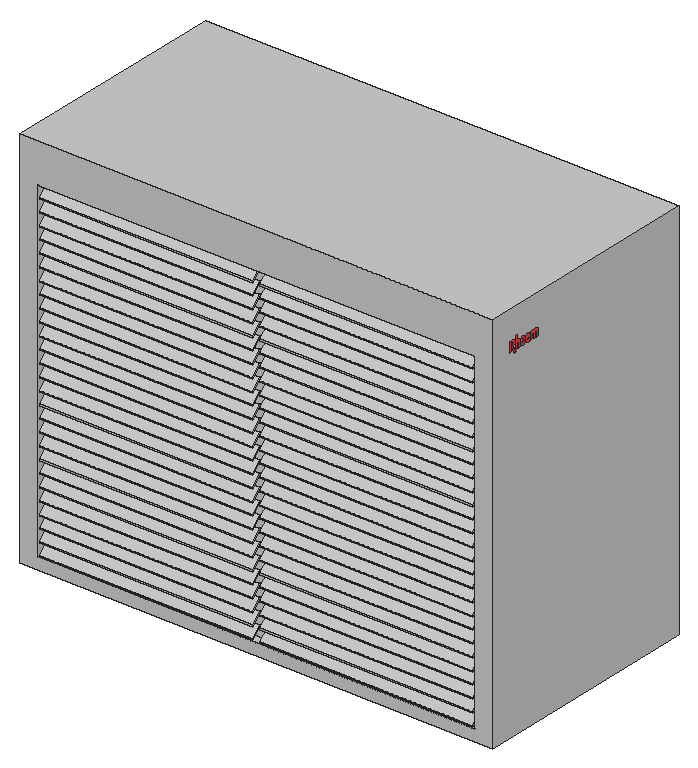
Revit family
Parameters (values of type "Commercial Heat Pump - Non Ducted")
  Unitheight_ANZRS = 935 mm
  UnitWidth_ANZRS = 565 mm
  UnitDepth_ANZRS [instance] = 1150 mm
  URL = "http://www.rheem.com.au/commercial_product.asp?ProdID=96&cat_id=2\r\n"
  Type Comments = "Output 16 KW @ 20oC/60% RH Recovery 300 L/h  @ 45°C  rise\r\n"
  Materials_ANZRS = Rheem - Joey Grey Steel
  OutletPipeDiameter_ANZRS = OutPipeRadius_ANZRS * 2  # 32 mm
  OutPipeRadius_ANZRS = 16 mm
  Model = "953022"
  Manufacturer = "Rheem\r\n"
  InletPipeDiameter_ANZRS = InPipeRadius_ANZRS * 2  # 32 mm
  InPipeRadius_ANZRS = 16 mm
  DesignBy_ANZRS = "Design Content ©\r\n"
  Description = "Commercial Heat Pump - Non Ducted"
  CondensateDrainPipeDiameter_ANZRS = CDPipeRadius_ANZRS * 2  # 20 mm
  CDPipeRadius_ANZRS = 10 mm
  Author_ANZRS = "DM"
  Assembly Code = ""
Reference planes
  plane 1 "Center (Front/Back)": y = 0
  plane 2: z = 0
  plane 3 "Center (Left/Right)": x = 0
  plane 4 "W1": y = 282.5
  plane 5 "W2": y = -282.5
  plane 6 "W4": x = -575
  plane 7 "W3": x = 575
  plane 8 "CENTER 1": x = -320
  plane 9 "CENTER 2": x = 180
  plane 10: z = 25
  plane 11 "HEIGHT": z = 960
  plane 12 "W11": y = 212.65
  plane 13 "W13": y = 147.65
  plane 14 "W15": y = -212.65
  plane 15 "W14": y = -147.65
  plane 16 "CD1": z = 225
  plane 17 "CD2": z = 555
  plane 18 "CENTER 3": y = -167.65
  plane 19 "w5": x = -545
  plane 20 "W7": x = 545
  plane 21 "H1": z = 53.419
  plane 22 "CENTER 5": y = 180.15
  plane 23 "CENTER 4": y = -180.15
  plane 24: y = -260.438
  plane 25 "W6": x = -527.091
  plane 26 "W9": x = 527.091
  plane 27 "W8": x = 532.091
  plane 28: x = -625
  plane 29: y = 174.5
Forms (mm)
  Extrusion 1, solid, material "Rheem - Joey Grey Steel" <- "Materials_ANZRS"
    sketch origin (0, 0, 0) x (1, 0, 0) y (0, 1, 0)
      loop
        line (-575, 282.5) -> (-575, -260.438) -> (575, -260.438) -> (575, 282.5) -> (-575, 282.5)
    from 25 to 960
  Extrusion 2, solid, material "Rheem - Joey Grey Steel" <- "Materials_ANZRS"
    sketch origin (0, 0, 0) x (0, 1, 0) y (0, 0, 1)
      loop
        circle (-167.65, 555) r 16
      loop
        circle (-167.65, 225) r 16
    from -575 to -625
  Extrusion 3, solid, material "Rheem - Joey Grey Steel" <- "Materials_ANZRS"
    sketch origin (0, 0, 0) x (0, 1, 0) y (0, 0, 1)
      loop
        line (212.65, 0) -> (212.65, 25) -> (147.65, 25) -> (147.65, 0) -> (212.65, 0)
      loop
        line (-147.65, 0) -> (-147.65, 25) -> (-212.65, 25) -> (-212.65, 0) -> (-147.65, 0)
    from -545 to 545
  Extrusion 4, solid, material "Rheem - Joey Grey Steel" <- "Materials_ANZRS"
    sketch origin (0, 0, 0) x (0, 1, 0) y (0, 0, 1)
      loop
        circle (180.15, 53.419) r 10
      loop
        circle (-180.15, 53.419) r 10
    from -575 to -625
  Extrusion 5, solid, material "Rheem - Joey Grey Steel" <- "Materials_ANZRS"
    sketch origin (0, 0, 0) x (0, 1, 0) y (0, 0, 1)
      loop
        line (-260.438, 860.039) -> (-282.5, 837.978) -> (-282.5, 835.579) -> (-260.438, 857.64) -> (-260.438, 860.039)
      loop
        line (-260.438, 830.039) -> (-282.5, 807.978) -> (-282.5, 805.579) -> (-260.438, 827.64) -> (-260.438, 830.039)
      loop
        line (-260.438, 800.039) -> (-282.5, 777.978) -> (-282.5, 775.579) -> (-260.438, 797.64) -> (-260.438, 800.039)
      loop
        line (-260.438, 770.039) -> (-282.5, 747.978) -> (-282.5, 745.579) -> (-260.438, 767.64) -> (-260.438, 770.039)
      loop
        line (-260.438, 740.039) -> (-282.5, 717.978) -> (-282.5, 715.579) -> (-260.438, 737.64) -> (-260.438, 740.039)
      loop
        line (-260.438, 710.039) -> (-282.5, 687.978) -> (-282.5, 685.579) -> (-260.438, 707.64) -> (-260.438, 710.039)
      loop
        line (-260.438, 680.039) -> (-282.5, 657.978) -> (-282.5, 655.579) -> (-260.438, 677.64) -> (-260.438, 680.039)
      loop
        line (-260.438, 650.039) -> (-282.5, 627.978) -> (-282.5, 625.579) -> (-260.438, 647.64) -> (-260.438, 650.039)
      loop
        line (-260.438, 620.039) -> (-282.5, 597.978) -> (-282.5, 595.579) -> (-260.438, 617.64) -> (-260.438, 620.039)
      loop
        line (-260.438, 590.039) -> (-282.5, 567.978) -> (-282.5, 565.579) -> (-260.438, 587.64) -> (-260.438, 590.039)
      loop
        line (-260.438, 560.039) -> (-282.5, 537.978) -> (-282.5, 535.579) -> (-260.438, 557.64) -> (-260.438, 560.039)
      loop
        line (-260.438, 530.039) -> (-282.5, 507.978) -> (-282.5, 505.579) -> (-260.438, 527.64) -> (-260.438, 530.039)
      loop
        line (-260.438, 500.039) -> (-282.5, 477.978) -> (-282.5, 475.579) -> (-260.438, 497.64) -> (-260.438, 500.039)
      loop
        line (-260.438, 470.039) -> (-282.5, 447.978) -> (-282.5, 445.579) -> (-260.438, 467.64) -> (-260.438, 470.039)
      loop
        line (-260.438, 440.039) -> (-282.5, 417.978) -> (-282.5, 415.579) -> (-260.438, 437.64) -> (-260.438, 440.039)
      loop
        line (-260.438, 410.039) -> (-282.5, 387.978) -> (-282.5, 385.579) -> (-260.438, 407.64) -> (-260.438, 410.039)
      loop
        line (-260.438, 380.039) -> (-282.5, 357.978) -> (-282.5, 355.579) -> (-260.438, 377.64) -> (-260.438, 380.039)
      loop
        line (-260.438, 350.039) -> (-282.5, 327.978) -> (-282.5, 325.579) -> (-260.438, 347.64) -> (-260.438, 350.039)
      loop
        line (-260.438, 320.039) -> (-282.5, 297.978) -> (-282.5, 295.579) -> (-260.438, 317.64) -> (-260.438, 320.039)
      loop
        line (-260.438, 290.039) -> (-282.5, 267.978) -> (-282.5, 265.579) -> (-260.438, 287.64) -> (-260.438, 290.039)
      loop
        line (-260.438, 260.039) -> (-282.5, 237.978) -> (-282.5, 235.579) -> (-260.438, 257.64) -> (-260.438, 260.039)
      loop
        line (-260.438, 230.039) -> (-282.5, 207.978) -> (-282.5, 205.579) -> (-260.438, 227.64) -> (-260.438, 230.039)
      loop
        line (-260.438, 200.039) -> (-282.5, 177.978) -> (-282.5, 175.579) -> (-260.438, 197.64) -> (-260.438, 200.039)
      loop
        line (-260.438, 170.039) -> (-282.5, 147.978) -> (-282.5, 145.579) -> (-260.438, 167.64) -> (-260.438, 170.039)
      loop
        line (-260.438, 140.039) -> (-282.5, 117.978) -> (-282.5, 115.579) -> (-260.438, 137.64) -> (-260.438, 140.039)
      loop
        line (-260.438, 110.039) -> (-282.5, 87.978) -> (-282.5, 85.579) -> (-260.438, 107.64) -> (-260.438, 110.039)
      loop
        line (-260.438, 80.039) -> (-282.5, 57.978) -> (-282.5, 55.579) -> (-260.438, 77.64) -> (-260.438, 80.039)
    from -527.091 to -9.296
  Extrusion 6, solid, material "Rheem - Joey Grey Steel" <- "Materials_ANZRS"
    sketch origin (0, 0, 0) x (1, 0, 0) y (0, 0, 1)
      loop
        line (-575, 960) -> (-575, 25) -> (-14.281, 25) -> (575, 25) -> (575, 960) -> (-575, 960)
      loop
        line (-532.091, 53.419) -> (532.091, 53.419) -> (532.091, 865.039) -> (-532.091, 865.039) -> (-532.091, 53.419)
    from 260.438 to 282.5
  Extrusion 7, solid, material "Rheem - Joey Grey Steel" <- "Materials_ANZRS"
    sketch origin (0, 0, 0) x (0, 1, 0) y (0, 0, -1)
      loop
        line (-260.438, -860.039) -> (-260.438, -857.64) -> (-282.5, -835.579) -> (-282.5, -837.978) -> (-260.438, -860.039)
      loop
        line (-260.438, -830.039) -> (-260.438, -827.64) -> (-282.5, -805.579) -> (-282.5, -807.978) -> (-260.438, -830.039)
      loop
        line (-260.438, -800.039) -> (-260.438, -797.64) -> (-282.5, -775.579) -> (-282.5, -777.978) -> (-260.438, -800.039)
      loop
        line (-260.438, -770.039) -> (-260.438, -767.64) -> (-282.5, -745.579) -> (-282.5, -747.978) -> (-260.438, -770.039)
      loop
        line (-260.438, -740.039) -> (-260.438, -737.64) -> (-282.5, -715.579) -> (-282.5, -717.978) -> (-260.438, -740.039)
      loop
        line (-260.438, -710.039) -> (-260.438, -707.64) -> (-282.5, -685.579) -> (-282.5, -687.978) -> (-260.438, -710.039)
      loop
        line (-260.438, -680.039) -> (-260.438, -677.64) -> (-282.5, -655.579) -> (-282.5, -657.978) -> (-260.438, -680.039)
      loop
        line (-260.438, -650.039) -> (-260.438, -647.64) -> (-282.5, -625.579) -> (-282.5, -627.978) -> (-260.438, -650.039)
      loop
        line (-260.438, -620.039) -> (-260.438, -617.64) -> (-282.5, -595.579) -> (-282.5, -597.978) -> (-260.438, -620.039)
      loop
        line (-260.438, -590.039) -> (-260.438, -587.64) -> (-282.5, -565.579) -> (-282.5, -567.978) -> (-260.438, -590.039)
      loop
        line (-260.438, -560.039) -> (-260.438, -557.64) -> (-282.5, -535.579) -> (-282.5, -537.978) -> (-260.438, -560.039)
      loop
        line (-260.438, -530.039) -> (-260.438, -527.64) -> (-282.5, -505.579) -> (-282.5, -507.978) -> (-260.438, -530.039)
      loop
        line (-260.438, -500.039) -> (-260.438, -497.64) -> (-282.5, -475.579) -> (-282.5, -477.978) -> (-260.438, -500.039)
      loop
        line (-260.438, -470.039) -> (-260.438, -467.64) -> (-282.5, -445.579) -> (-282.5, -447.978) -> (-260.438, -470.039)
      loop
        line (-260.438, -440.039) -> (-260.438, -437.64) -> (-282.5, -415.579) -> (-282.5, -417.978) -> (-260.438, -440.039)
      loop
        line (-260.438, -410.039) -> (-260.438, -407.64) -> (-282.5, -385.579) -> (-282.5, -387.978) -> (-260.438, -410.039)
      loop
        line (-260.438, -380.039) -> (-260.438, -377.64) -> (-282.5, -355.579) -> (-282.5, -357.978) -> (-260.438, -380.039)
      loop
        line (-260.438, -350.039) -> (-260.438, -347.64) -> (-282.5, -325.579) -> (-282.5, -327.978) -> (-260.438, -350.039)
      loop
        line (-260.438, -320.039) -> (-260.438, -317.64) -> (-282.5, -295.579) -> (-282.5, -297.978) -> (-260.438, -320.039)
      loop
        line (-260.438, -290.039) -> (-260.438, -287.64) -> (-282.5, -265.579) -> (-282.5, -267.978) -> (-260.438, -290.039)
      loop
        line (-260.438, -260.039) -> (-260.438, -257.64) -> (-282.5, -235.579) -> (-282.5, -237.978) -> (-260.438, -260.039)
      loop
        line (-260.438, -230.039) -> (-260.438, -227.64) -> (-282.5, -205.579) -> (-282.5, -207.978) -> (-260.438, -230.039)
      loop
        line (-260.438, -200.039) -> (-260.438, -197.64) -> (-282.5, -175.579) -> (-282.5, -177.978) -> (-260.438, -200.039)
      loop
        line (-260.438, -170.039) -> (-260.438, -167.64) -> (-282.5, -145.579) -> (-282.5, -147.978) -> (-260.438, -170.039)
      loop
        line (-260.438, -140.039) -> (-260.438, -137.64) -> (-282.5, -115.579) -> (-282.5, -117.978) -> (-260.438, -140.039)
      loop
        line (-260.438, -110.039) -> (-260.438, -107.64) -> (-282.5, -85.579) -> (-282.5, -87.978) -> (-260.438, -110.039)
      loop
        line (-260.438, -80.039) -> (-260.438, -77.64) -> (-282.5, -55.579) -> (-282.5, -57.978) -> (-260.438, -80.039)
    from -527.091 to -9.296
  Extrusion 8, solid, material "Rheem - Joey Grey Steel" <- "Materials_ANZRS"
    sketch origin (575, 0, 960) x (0, 0, -1) y (0, 1, 0)
      loop
        circle (286.023, 174.5) r 0.5
    from 0 to -1
  Extrusion 9, solid, material "Rheem - Joey Grey Steel" <- "Materials_ANZRS"
    sketch origin (575, 0, 960) x (0, 0, -1) y (0, 1, 0)
      loop
        circle (336.023, 174.5) r 0.5
    from 0 to -1
  Extrusion 10, solid, material "Rheem - Joey Grey Steel" <- "Materials_ANZRS"
    sketch origin (575, 0, 960) x (0, 0, -1) y (0, 1, 0)
      loop
        circle (311.023, 174.5) r 0.5
    from 0 to -1
  Extrusion 11, solid, material "Rheem - Joey Grey Steel" <- "Materials_ANZRS"
    sketch origin (575, 0, 960) x (0, 0, -1) y (0, 1, 0)
      loop
        circle (361.023, 174.5) r 0.5
    from 0 to -1
Cuts and joins
  joined: Extrusion 1, Extrusion 6
Lines and regions (mm)
  Masking region 1
    outline origin (0, 0, 0) x (1, 0, 0) y (0, 1, 0)
      loop
        line (575, 282.5) -> (-575, 282.5) -> (-575, -282.5) -> (575, -282.5) -> (575, 282.5)
  Masking region 2
    outline origin (0, 0, 0) x (1, 0, 0) y (0, 0, 1)
      loop
        line (-575, 960) -> (-575, 25) -> (-545, 25) -> (-545, 0) -> (545, 0) -> (545, 25) -> (575, 25) -> (575, 960) -> (-575, 960)
  Masking region 3
    outline origin (0, 0, 0) x (0, 1, 0) y (0, 0, 1)
      loop
        line (282.5, 25) -> (282.5, 960) -> (-282.5, 960) -> (-282.5, 25) -> (-212.65, 25) -> (-212.65, 0) -> (-147.65, 0) -> (-147.65, 25) -> (147.65, 25) -> (147.65, 0) -> (212.65, 0) -> (212.65, 25) -> (282.5, 25)
  Masking region 4
    outline origin (0, 0, 0) x (1, 0, 0) y (0, 1, 0)
      loop
        line (-575, 282.5) -> (-575, -282.5) -> (575, -282.5) -> (575, 282.5) -> (-575, 282.5)
  symbolic lines, style "Rheem - Heat Pump", detail levels fine
    curve 1: line (575, 282.5, 0) -> (-575, 282.5, 0)
    curve 2: line (-575, 282.5, 0) -> (-575, -282.5, 0)
    curve 3: line (-575, -282.5, 0) -> (575, -282.5, 0)
    curve 4: line (575, -282.5, 0) -> (575, 282.5, 0)
    curve 5: line (-625, 190.15, 0) -> (-625, 170.15, 0)
    curve 6: line (-625, 170.15, 0) -> (-575, 170.15, 0)
    curve 7: line (-625, 190.15, 0) -> (-575, 190.15, 0)
    curve 8: line (-625, -147.65, 0) -> (-625, -180.15, 0)
    curve 9: line (-625, -180.15, 0) -> (-575, -180.15, 0)
    curve 10: line (-625, -147.65, 0) -> (-575, -147.65, 0)
    curve 11: line (-575, 0, 960) -> (-575, 0, 25)
    curve 12: line (575, 0, 960) -> (-575, 0, 960)
    curve 13: line (575, 0, 25) -> (575, 0, 960)
    curve 14: line (-575, 0, 25) -> (575, 0, 25)
    curve 15: line (-545, 0, 0) -> (545, 0, 0)
    curve 16: line (545, 0, 0) -> (545, 0, 25)
    curve 17: line (-545, 0, 25) -> (-545, 0, 0)
    curve 18: line (-625, 0, 63.419) -> (-625, 0, 43.419)
    curve 19: line (-625, 0, 571) -> (-625, 0, 538.877)
    curve 20: line (-625, 0, 241) -> (-625, 0, 209)
    curve 21: line (-625, 0, 571) -> (-575, 0, 571)
    curve 22: line (-625, 0, 538.877) -> (-575, 0, 538.877)
    curve 23: line (-625, 0, 241) -> (-575, 0, 241)
    curve 24: line (-625, 0, 209) -> (-575, 0, 209)
    curve 25: line (-625, 0, 63.419) -> (-575, 0, 63.419)
    curve 26: line (-625, 0, 43.419) -> (-575, 0, 43.419)
    curve 27: arc (-489.599, 0, 893.205) -> (-435.138, 0, 904.464) -> (-379.529, 0, 905.147) r 290.723
    curve 28: arc (-380.05, 0, 943.047) -> (-461.829, 0, 954.388) -> (-543, 0, 939.299) r 257.845
    curve 29: line (-543, 0, 939.299) -> (-543, 0, 904.574)
    curve 30: arc (-543, 0, 904.574) -> (-517.109, 0, 895.087) -> (-489.599, 0, 893.205) r 97.782
    curve 31: line (-145.8, 0, 892.977) -> (-97, 0, 904.574)
    curve 32: line (-97, 0, 904.574) -> (-97, 0, 939.299)
    curve 33: line (-97, 0, 939.299) -> (-145.8, 0, 951.595)
    curve 34: arc (-150.401, 0, 893.205) -> (-204.603, 0, 904.436) -> (-259.95, 0, 905.19) r 290.723
    curve 35: arc (-259.95, 0, 943.047) -> (-178.171, 0, 954.388) -> (-97, 0, 939.299) r 257.845
    curve 36: arc (10.401, 0, 893.205) -> (64.603, 0, 904.436) -> (119.95, 0, 905.19) r 290.723
    curve 37: arc (119.95, 0, 943.047) -> (38.171, 0, 954.388) -> (-43, 0, 939.299) r 257.845
    curve 38: line (-43, 0, 939.299) -> (-43, 0, 904.574)
    curve 39: arc (-43, 0, 904.574) -> (-17.109, 0, 895.087) -> (10.401, 0, 893.205) r 97.782
    curve 40: line (354.2, 0, 892.977) -> (403, 0, 904.574)
    curve 41: line (403, 0, 904.574) -> (403, 0, 939.299)
    curve 42: line (403, 0, 939.299) -> (354.2, 0, 951.595)
    curve 43: arc (349.599, 0, 893.205) -> (295.397, 0, 904.436) -> (240.05, 0, 905.19) r 290.723
    curve 44: arc (240.05, 0, 943.047) -> (321.829, 0, 954.388) -> (403, 0, 939.299) r 257.845
    curve 45: line (-371.22, 0, 954.299) -> (-268.78, 0, 954.299)
    curve 46: line (-259.95, 0, 945.469) -> (-380.05, 0, 945.469)
    curve 47: line (-259.95, 0, 899.299) -> (-380.05, 0, 899.299)
    curve 48: line (-371.22, 0, 890.469) -> (-268.78, 0, 890.469)
    curve 49: line (128.78, 0, 954.299) -> (231.22, 0, 954.299)
    curve 50: line (240.05, 0, 945.469) -> (119.95, 0, 945.469)
    curve 51: line (240.05, 0, 899.299) -> (119.95, 0, 899.299)
    curve 52: line (128.78, 0, 890.469) -> (231.22, 0, 890.469)
    curve 53: line (119.95, 0, 945.469) -> (128.78, 0, 954.299)
    curve 54: line (119.95, 0, 899.299) -> (128.78, 0, 890.469)
    curve 55: line (231.22, 0, 890.469) -> (240.05, 0, 899.299)
    curve 56: line (240.05, 0, 945.469) -> (231.22, 0, 954.299)
    curve 57: line (-380.05, 0, 945.469) -> (-371.22, 0, 954.299)
    curve 58: line (-268.78, 0, 954.299) -> (-259.95, 0, 945.469)
    curve 59: line (-259.95, 0, 899.299) -> (-268.78, 0, 890.469)
    curve 60: line (-371.22, 0, 890.469) -> (-380.05, 0, 899.299)
    curve 61: line (-380.05, 0, 899.299) -> (-380.05, 0, 945.469)
    curve 62: line (-259.95, 0, 945.469) -> (-259.95, 0, 899.299)
    curve 63: line (119.95, 0, 945.469) -> (119.95, 0, 899.299)
    curve 64: line (240.05, 0, 945.469) -> (240.05, 0, 899.299)
    curve 65: line (0, 282.5, 25) -> (0, 282.5, 960)
    curve 66: line (0, 282.5, 960) -> (0, -282.5, 960)
    curve 67: line (0, -282.5, 960) -> (0, -282.5, 25)
    curve 68: line (0, -282.5, 25) -> (0, 282.5, 25)
    curve 69: line (0, 212.65, 0) -> (0, 212.65, 25)
    curve 70: line (0, 147.65, 0) -> (0, 212.65, 0)
    curve 71: line (0, 147.65, 25) -> (0, 147.65, 0)
    curve 72: line (0, -147.65, 0) -> (0, -147.65, 25)
    curve 73: line (0, -212.65, 0) -> (0, -147.65, 0)
    curve 74: line (0, -212.65, 25) -> (0, -212.65, 0)
    curve 75: arc (0, -170.15, 53.419) -> (0, -180.15, 43.419) -> (0, -190.15, 53.419) r 10
    curve 76: arc (0, -190.15, 53.419) -> (0, -180.15, 63.419) -> (0, -170.15, 53.419) r 10
    curve 77: arc (0, 190.15, 53.419) -> (0, 180.15, 43.419) -> (0, 170.15, 53.419) r 10
    curve 78: arc (0, 170.15, 53.419) -> (0, 180.15, 63.419) -> (0, 190.15, 53.419) r 10
    curve 79: arc (0, -151.65, 225) -> (0, -167.65, 209) -> (0, -183.65, 225) r 16
    curve 80: arc (0, -183.65, 225) -> (0, -167.65, 241) -> (0, -151.65, 225) r 16
    curve 81: arc (0, -151.65, 555) -> (0, -167.65, 539) -> (0, -183.65, 555) r 16
    curve 82: arc (0, -183.65, 555) -> (0, -167.65, 571) -> (0, -151.65, 555) r 16
    curve 83: arc (0, 129.599, 892.736) -> (0, 75.361, 903.971) -> (0, 19.976, 904.715) r 290.723
    curve 84: line (0, 8.8, 903.579) -> (0, 8.8, 938.83)
    curve 85: arc (0, 19.976, 942.556) -> (0, 101.79, 953.92) -> (0, 183, 938.83) r 257.845
    curve 86: line (0, 183, 938.83) -> (0, 183, 904.105)
    curve 87: arc (0, 183, 904.105) -> (0, 157.109, 894.618) -> (0, 129.599, 892.736) r 97.782
    curve 88: line (0, -209.599, 892.736) -> (0, -263, 904.105)
    curve 89: line (0, -263, 904.105) -> (0, -263, 938.83)
    curve 90: arc (0, -209.599, 892.736) -> (0, -155.493, 903.957) -> (0, -100.241, 904.737) r 290.723
    curve 91: arc (0, -100.241, 942.637) -> (0, -181.929, 953.917) -> (0, -263, 938.83) r 257.845
    curve 92: line (0, -91.401, 953.83) -> (0, 11.22, 953.83)
    curve 93: line (0, -91.392, 890) -> (0, 11.22, 890)
    curve 94: line (0, 11.22, 890) -> (0, 19.976, 898.757)
    curve 95: line (0, 20.069, 898.849) -> (0, -100.241, 898.849)
    curve 96: line (0, -91.392, 890) -> (0, -100.241, 898.849)
    curve 97: line (0, -100.241, 898.849) -> (0, -100.241, 944.991)
    curve 98: line (0, -100.241, 944.991) -> (0, -91.401, 953.83)
    curve 99: line (0, 11.22, 953.83) -> (0, 19.976, 945.074)
    curve 100: line (0, 19.976, 945.074) -> (0, 19.976, 898.757)
    curve 101: line (0, -100.241, 944.991) -> (0, 19.976, 944.991)
  model lines, style "Rheem - Heat Pump", detail levels medium+fine
    curve 102: circle (-306, 10, 960) r 244 normal (0, 0, 1)
    curve 103: line (-354.8, -45.701, 960) -> (-354.8, -164.2, 960)
    curve 104: arc (-354.8, -164.2, 960) -> (-340.507, -198.707, 960) -> (-306, -213, 960) r 48.8
    curve 105: line (-306, -213, 960) -> (-257.2, -213, 960)
    curve 106: line (-257.2, -213, 960) -> (-257.2, -45.701, 960)
    curve 107: line (-361.701, -38.8, 960) -> (-529, -38.8, 960)
    curve 108: line (-529, -38.8, 960) -> (-529, 10, 960)
    curve 109: arc (-529, 10, 960) -> (-514.707, 44.507, 960) -> (-480.2, 58.8, 960) r 48.8
    curve 110: line (-480.2, 58.8, 960) -> (-361.701, 58.8, 960)
    curve 111: line (-354.8, 65.701, 960) -> (-354.8, 233, 960)
    curve 112: line (-354.8, 233, 960) -> (-306, 233, 960)
    curve 113: arc (-306, 233, 960) -> (-271.493, 218.707, 960) -> (-257.2, 184.2, 960) r 48.8
    curve 114: line (-257.2, 184.2, 960) -> (-257.2, 65.701, 960)
    curve 115: line (-250.299, -38.8, 960) -> (-131.8, -38.8, 960)
    curve 116: arc (-131.8, -38.8, 960) -> (-97.293, -24.507, 960) -> (-83, 10, 960) r 48.8
    curve 117: line (-83, 10, 960) -> (-83, 58.8, 960)
    curve 118: line (-83, 58.8, 960) -> (-250.299, 58.8, 960)
    curve 119: circle (-306, 10, 960) r 206 normal (0, 0, 1)
    curve 120: circle (-306, 10, 960) r 168 normal (0, 0, 1)
    curve 121: circle (-306, 10, 960) r 130 normal (0, 0, 1)
    curve 122: circle (-306, 10, 960) r 92 normal (0, 0, 1)
    curve 123: circle (-306, 10, 960) r 54 normal (0, 0, 1)
    curve 124: circle (-490.286, 194.286, 960) r 4.88 normal (0, 0, 1)
    curve 125: circle (-121.714, 194.286, 960) r 4.88 normal (0, 0, 1)
    curve 126: line (-264.522, 44.577, 960) -> (-118.263, 190.835, 960)
    curve 127: line (-271.423, 51.478, 960) -> (-125.165, 197.737, 960)
    curve 128: line (-340.577, 51.478, 960) -> (-486.835, 197.737, 960)
    curve 129: line (-347.478, 44.577, 960) -> (-493.737, 190.835, 960)
    curve 130: line (-340.577, -31.478, 960) -> (-486.835, -177.737, 960)
    curve 131: line (-347.478, -24.577, 960) -> (-493.737, -170.835, 960)
    curve 132: circle (-490.286, -174.286, 960) r 4.88 normal (0, 0, 1)
    curve 133: line (-271.423, -31.478, 960) -> (-125.165, -177.737, 960)
    curve 134: line (-264.522, -24.577, 960) -> (-118.263, -170.835, 960)
    curve 135: circle (-121.714, -174.286, 960) r 4.88 normal (0, 0, 1)
    curve 136: circle (194, 10, 960) r 244 normal (0, 0, 1)
    curve 137: line (145.2, -45.701, 960) -> (145.2, -164.2, 960)
    curve 138: arc (145.2, -164.2, 960) -> (159.493, -198.707, 960) -> (194, -213, 960) r 48.8
    curve 139: line (194, -213, 960) -> (242.8, -213, 960)
    curve 140: line (242.8, -213, 960) -> (242.8, -45.701, 960)
    curve 141: line (138.299, -38.8, 960) -> (-29, -38.8, 960)
    curve 142: line (-29, -38.8, 960) -> (-29, 10, 960)
    curve 143: arc (-29, 10, 960) -> (-14.707, 44.507, 960) -> (19.8, 58.8, 960) r 48.8
    curve 144: line (19.8, 58.8, 960) -> (138.299, 58.8, 960)
    curve 145: line (145.2, 65.701, 960) -> (145.2, 233, 960)
    curve 146: line (145.2, 233, 960) -> (194, 233, 960)
    curve 147: arc (194, 233, 960) -> (228.507, 218.707, 960) -> (242.8, 184.2, 960) r 48.8
    curve 148: line (242.8, 184.2, 960) -> (242.8, 65.701, 960)
    curve 149: line (249.701, -38.8, 960) -> (368.2, -38.8, 960)
    curve 150: arc (368.2, -38.8, 960) -> (402.707, -24.507, 960) -> (417, 10, 960) r 48.8
    curve 151: line (417, 10, 960) -> (417, 58.8, 960)
    curve 152: line (417, 58.8, 960) -> (249.701, 58.8, 960)
    curve 153: circle (194, 10, 960) r 206 normal (0, 0, 1)
    curve 154: circle (194, 10, 960) r 168 normal (0, 0, 1)
    curve 155: circle (194, 10, 960) r 130 normal (0, 0, 1)
    curve 156: circle (194, 10, 960) r 92 normal (0, 0, 1)
    curve 157: circle (194, 10, 960) r 54 normal (0, 0, 1)
    curve 158: circle (9.714, 194.286, 960) r 4.88 normal (0, 0, 1)
    curve 159: circle (378.286, 194.286, 960) r 4.88 normal (0, 0, 1)
    curve 160: line (235.478, 44.577, 960) -> (381.737, 190.835, 960)
    curve 161: line (228.577, 51.478, 960) -> (374.835, 197.737, 960)
    curve 162: line (159.423, 51.478, 960) -> (13.165, 197.737, 960)
    curve 163: line (152.522, 44.577, 960) -> (6.263, 190.835, 960)
    curve 164: line (159.423, -31.478, 960) -> (13.165, -177.737, 960)
    curve 165: line (152.522, -24.577, 960) -> (6.263, -170.835, 960)
    curve 166: circle (9.714, -174.286, 960) r 4.88 normal (0, 0, 1)
    curve 167: line (228.577, -31.478, 960) -> (374.835, -177.737, 960)
    curve 168: line (235.478, -24.577, 960) -> (381.737, -170.835, 960)
    curve 169: circle (378.286, -174.286, 960) r 4.88 normal (0, 0, 1)
Dimensions and locks
  equal spacing: plane 6 "W4", plane 3 "Center (Left/Right)", plane 7 "W3"
  equal spacing: plane 4 "W1", plane 1 "Center (Front/Back)", plane 5 "W2"
  "UnitWidth_ANZRS": plane 4 "W1" to plane 5 "W2"
  "UnitDepth_ANZRS": plane 6 "W4" to plane 7 "W3"
  plane 6 "W4" to plane 8 "CENTER 1" = 255 mm
  plane 9 "CENTER 2" to plane 7 "W3" = 395 mm
  plane 8 "CENTER 1" to plane 9 "CENTER 2" = 500 mm
  "Unitheight_ANZRS": plane 11 "HEIGHT" to plane 10
  plane 10 to level = 25 mm
  plane 12 "W11" to plane 13 "W13" = 65 mm
  plane 15 "W14" to plane 14 "W15" = 65 mm
  plane 16 "CD1" to plane 10 = 200 mm
  plane 17 "CD2" to plane 10 = 530 mm
  locked: plane 19 "w5" to plane 6 "W4" at 30
  locked: plane 7 "W3" to plane 20 "W7" at 30
  plane 28 to plane 19 "w5" = 80 mm
  plane 21 "H1" to level = 53.419 mm
  plane 11 "HEIGHT" to level = 960 mm
  "OutPipeRadius_ANZRS": radius of Extrusion 2 sketch curve
  "InPipeRadius_ANZRS": radius of Extrusion 2 sketch curve
  "CDPipeRadius_ANZRS": radius of Extrusion 4 sketch curve  (x2)
  aligned and locked: level to plane 2
  aligned and locked: Extrusion 1 sketch curve to plane 4 "W1"
  aligned and locked: Extrusion 1 sketch curve to plane 6 "W4"
  aligned and locked: Extrusion 1 sketch curve to plane 7 "W3"
  aligned and locked: plane 11 "HEIGHT" to Extrusion 1
  aligned and locked: Extrusion 1 to plane 10
  aligned and locked: plane 17 "CD2" to Extrusion 2 sketch curve
  aligned and locked: plane 18 "CENTER 3" to Extrusion 2 sketch curve  (x2)
  aligned and locked: plane 16 "CD1" to Extrusion 2 sketch curve
  aligned: Extrusion 2 to plane 7 "W3"
  aligned and locked: level to Extrusion 3 sketch curve  (x2)
  aligned and locked: plane 12 "W11" to Extrusion 3 sketch curve
  aligned and locked: Extrusion 3 sketch curve to plane 10  (x2)
  aligned and locked: Extrusion 3 sketch curve to plane 13 "W13"
  aligned and locked: Extrusion 3 sketch curve to plane 15 "W14"
  aligned and locked: plane 14 "W15" to Extrusion 3 sketch curve
  aligned and locked: Extrusion 3 to plane 19 "w5"
  aligned and locked: Extrusion 3 to plane 20 "W7"
  aligned and locked: plane 22 "CENTER 5" to Extrusion 4 sketch curve
  aligned and locked: plane 21 "H1" to Extrusion 4 sketch curve  (x2)
  aligned and locked: plane 23 "CENTER 4" to Extrusion 4 sketch curve
  aligned and locked: Extrusion 4 to Extrusion 2
  aligned: Extrusion 4 to plane 7 "W3"
  aligned and locked: plane 5 "W2" to Extrusion 6
  aligned and locked: plane 26 "W9" to Extrusion 7
  aligned and locked: Extrusion 6 to plane 27 "W8"
  aligned and locked: Extrusion 6 sketch curve to plane 21 "H1"
  aligned and locked: Extrusion 2 to plane 6 "W4"
  aligned and locked: plane 28 to Extrusion 2
  aligned and locked: Extrusion 4 to plane 6 "W4"
  aligned and locked: plane 28 to Extrusion 4
  aligned and locked: curve 1 to cut or joined group of Extrusion 1, Extrusion 6
  aligned and locked: curve 2 to cut or joined group of Extrusion 1, Extrusion 6
  aligned and locked: curve 3 to cut or joined group of Extrusion 1, Extrusion 6
  aligned and locked: curve 4 to cut or joined group of Extrusion 1, Extrusion 6
  aligned and locked: curve 11 to cut or joined group of Extrusion 1, Extrusion 6
  aligned and locked: curve 12 to cut or joined group of Extrusion 1, Extrusion 6
  aligned and locked: curve 13 to cut or joined group of Extrusion 1, Extrusion 6
  aligned and locked: curve 14 to cut or joined group of Extrusion 1, Extrusion 6
  aligned and locked: curve 18 to Extrusion 4
  aligned and locked: curve 19 to Extrusion 2
  aligned and locked: Masking region 1 sketch curve to curve 1
  aligned and locked: Masking region 1 sketch curve to curve 4
  aligned and locked: Masking region 1 sketch curve to curve 3
  aligned and locked: Masking region 1 sketch curve to curve 2
  aligned and locked: Masking region 2 sketch curve to curve 12
  aligned and locked: Masking region 2 sketch curve to curve 11
  aligned and locked: Masking region 2 sketch curve to curve 14
  aligned and locked: Masking region 2 sketch curve to curve 13
  aligned and locked: Masking region 2 sketch curve to curve 15
  aligned and locked: Masking region 2 sketch curve to curve 17
  aligned and locked: Masking region 2 sketch curve to curve 16
  aligned and locked: curve 65 to cut or joined group of Extrusion 1, Extrusion 6
  aligned and locked: curve 66 to cut or joined group of Extrusion 1, Extrusion 6
  aligned and locked: curve 67 to cut or joined group of Extrusion 1, Extrusion 6
  aligned and locked: curve 68 to cut or joined group of Extrusion 1, Extrusion 6
  aligned and locked: curve 75 to Extrusion 4
  aligned and locked: curve 76 to Extrusion 4
  aligned and locked: curve 77 to Extrusion 4
  aligned and locked: curve 78 to Extrusion 4
  aligned and locked: curve 79 to Extrusion 2
  aligned and locked: curve 80 to Extrusion 2
  aligned and locked: curve 81 to Extrusion 2
  aligned and locked: curve 82 to Extrusion 2
  aligned and locked: Masking region 3 sketch curve to curve 65
  aligned and locked: Masking region 3 sketch curve to curve 66
  aligned and locked: Masking region 3 sketch curve to curve 67
  aligned and locked: Masking region 3 sketch curve to curve 70
  aligned and locked: Masking region 3 sketch curve to curve 69
  aligned and locked: Masking region 3 sketch curve to curve 71
  aligned and locked: Masking region 3 sketch curve to curve 72
  aligned and locked: Masking region 3 sketch curve to curve 73
  aligned and locked: Masking region 3 sketch curve to curve 74
  aligned and locked: Masking region 3 sketch curve to curve 68
  aligned and locked: Masking region 4 sketch curve to curve 1
  aligned and locked: Masking region 4 sketch curve to curve 2
  aligned and locked: Masking region 4 sketch curve to curve 3
  aligned and locked: Masking region 4 sketch curve to curve 4
Automatic sketch dimensions
  Extrusion 1 sketch curve to plane 24 = 0 mm
  curve 68 to plane 5 "W2" = 0 mm
  curve 73 to level = 0 mm
  curve 73 to plane 14 "W15" = 0 mm
  curve 72 to plane 15 "W14" = 0 mm
  curve 71 to plane 10 = 0 mm
  curve 71 to plane 13 "W13" = 0 mm
  curve 70 to level = 0 mm
  curve 70 to plane 12 "W11" = 0 mm
  curve 66 to plane 4 "W1" = 0 mm
  curve 67 to plane 11 "HEIGHT" = 0 mm
  curve 89 to plane 24 = 2.562 mm
  plane 14 "W15" to curve 90 = 3.052 mm
  curve 91 to plane 23 "CENTER 4" = 4.25 mm
  plane 15 "W14" to curve 90 = 23.871 mm
  plane 15 "W14" to curve 90 = 47.409 mm
  curve 98 to plane 11 "HEIGHT" = 6.17 mm
  curve 97 to curve 98 = 8.84 mm
  curve 95 to curve 96 = 8.849 mm
  curve 84 to plane 1 "Center (Front/Back)" = 8.8 mm
  curve 92 to plane 1 "Center (Front/Back)" = 11.22 mm
  curve 93 to plane 1 "Center (Front/Back)" = 11.22 mm
  curve 92 to curve 99 = 8.757 mm
  curve 94 to curve 95 = 0.093 mm
  curve 83 to plane 1 "Center (Front/Back)" = 43.779 mm
  plane 13 "W13" to curve 85 = 51.75 mm
  plane 13 "W13" to curve 83 = 18.052 mm
  plane 13 "W13" to curve 87 = 10.903 mm
  plane 22 "CENTER 5" to curve 87 = 2.85 mm
  plane 17 "CD2" to curve 90 = 59.969 mm
  plane 17 "CD2" to curve 83 = 59.969 mm
  curve 90 to curve 91 = 81.173 mm
  curve 83 to curve 85 = 81.173 mm
  curve 93 to curve 92 = 63.83 mm
  curve 87 to plane 11 "HEIGHT" = 67.264 mm
  curve 88 to plane 11 "HEIGHT" = 67.264 mm
  curve 94 to curve 83 = 5.959 mm
  curve 95 to curve 90 = 5.888 mm
  curve 84 to curve 83 = 1.136 mm
  curve 88 to curve 88 = 11.369 mm
  curve 83 to curve 86 = 11.369 mm
  curve 89 to plane 11 "HEIGHT" = 21.17 mm
  curve 84 to curve 92 = 15 mm
  curve 86 to plane 11 "HEIGHT" = 21.17 mm
  curve 91 to curve 98 = 2.354 mm
  curve 101 to curve 100 = 0.083 mm
  plane 28 to curve 19 = 0 mm
  plane 28 to curve 20 = 0 mm
  plane 28 to curve 26 = 0 mm
  plane 6 "W4" to curve 23 = 0 mm
  curve 17 to plane 10 = 0 mm
  curve 17 to plane 19 "w5" = 0 mm
  plane 20 "W7" to curve 16 = 0 mm
  curve 12 to plane 7 "W3" = 0 mm
  curve 15 to level = 0 mm
  curve 12 to plane 11 "HEIGHT" = 0 mm
  plane 19 "w5" to curve 29 = 2 mm
  plane 25 "W6" to curve 30 = 30.343 mm
  plane 25 "W6" to curve 30 = 37.492 mm
  plane 25 "W6" to curve 28 = 71.191 mm
  plane 17 "CD2" to curve 27 = 60.438 mm
  curve 27 to plane 8 "CENTER 1" = 83.779 mm
  curve 46 to plane 11 "HEIGHT" = 14.531 mm
  curve 46 to plane 8 "CENTER 1" = 60.05 mm
  curve 47 to curve 27 = 0.521 mm
  curve 45 to plane 11 "HEIGHT" = 5.701 mm
  curve 46 to curve 45 = 8.83 mm
  curve 47 to curve 60 = 8.83 mm
  plane 8 "CENTER 1" to curve 48 = 51.22 mm
  plane 8 "CENTER 1" to curve 58 = 51.22 mm
  curve 48 to curve 62 = 8.83 mm
  plane 8 "CENTER 1" to curve 34 = 83.779 mm
  curve 34 to curve 35 = 52.121 mm
  curve 34 to plane 11 "HEIGHT" = 66.795 mm
  curve 47 to curve 34 = 109.549 mm
  curve 31 to plane 11 "HEIGHT" = 67.023 mm
  curve 34 to curve 31 = 4.601 mm
  curve 33 to plane 11 "HEIGHT" = 8.405 mm
  curve 34 to curve 33 = 4.601 mm
  curve 35 to plane 11 "HEIGHT" = 20.701 mm
  curve 33 to curve 35 = 48.8 mm
  curve 39 to plane 3 "Center (Left/Right)" = 43 mm
  plane 3 "Center (Left/Right)" to curve 39 = 3.252 mm
  plane 3 "Center (Left/Right)" to curve 36 = 10.401 mm
  plane 3 "Center (Left/Right)" to curve 37 = 44.1 mm
  plane 17 "CD2" to curve 36 = 60.438 mm
  curve 36 to plane 9 "CENTER 2" = 83.779 mm
  curve 63 to plane 11 "HEIGHT" = 14.531 mm
  curve 63 to plane 9 "CENTER 2" = 60.05 mm
  curve 49 to plane 11 "HEIGHT" = 5.701 mm
  curve 50 to curve 49 = 8.83 mm
  curve 51 to curve 54 = 8.83 mm
  plane 9 "CENTER 2" to curve 49 = 51.22 mm
  plane 9 "CENTER 2" to curve 52 = 51.22 mm
  curve 52 to curve 43 = 8.83 mm
  plane 9 "CENTER 2" to curve 43 = 83.779 mm
  curve 43 to curve 44 = 52.121 mm
  curve 43 to plane 11 "HEIGHT" = 66.795 mm
  curve 51 to curve 43 = 109.549 mm
  curve 42 to plane 11 "HEIGHT" = 8.405 mm
  curve 43 to curve 42 = 4.601 mm
  curve 40 to plane 11 "HEIGHT" = 67.023 mm
  curve 43 to curve 40 = 4.601 mm
  curve 40 to plane 11 "HEIGHT" = 55.426 mm
  curve 40 to curve 40 = 48.8 mm
  curve 26 to plane 21 "H1" = 10 mm
  plane 21 "H1" to curve 18 = 10 mm
  curve 24 to plane 16 "CD1" = 16 mm
  plane 16 "CD1" to curve 23 = 16 mm
  curve 22 to plane 17 "CD2" = 16.123 mm
  plane 17 "CD2" to curve 21 = 16 mm
  plane 17 "CD2" to curve 43 = 60.438 mm
  plane 17 "CD2" to curve 34 = 60.438 mm
  curve 43 to curve 44 = 81.173 mm
  curve 36 to curve 37 = 81.173 mm
  curve 27 to curve 28 = 81.173 mm
  curve 48 to curve 34 = 14.721 mm
  curve 54 to curve 50 = 55 mm
  curve 27 to plane 11 "HEIGHT" = 66.795 mm
  curve 36 to plane 11 "HEIGHT" = 66.795 mm
  curve 54 to curve 36 = 5.891 mm
  curve 60 to curve 27 = 5.848 mm
  curve 36 to curve 38 = 11.369 mm
  curve 27 to curve 29 = 11.369 mm
  curve 32 to curve 35 = 34.725 mm
  curve 29 to plane 11 "HEIGHT" = 20.701 mm
  curve 37 to plane 11 "HEIGHT" = 20.701 mm
  curve 6 to plane 28 = 0 mm
  curve 8 to plane 15 "W14" = 0 mm
  curve 8 to plane 28 = 0 mm
  plane 5 "W2" to curve 3 = 0 mm
  curve 3 to plane 6 "W4" = 0 mm
  curve 4 to plane 7 "W3" = 0 mm
  plane 23 "CENTER 4" to curve 8 = 0 mm
  curve 2 to plane 4 "W1" = 0 mm
  curve 6 to plane 29 = 4.35 mm
  plane 22 "CENTER 5" to curve 7 = 10 mm
  Extrusion 5 sketch curve to plane 5 "W2" = 0 mm  (x27)
  Extrusion 5 sketch curve to plane 24 = 0 mm  (x27)
  plane 21 "H1" to Extrusion 5 sketch curve = 2.159 mm
  Extrusion 5 sketch curve to Extrusion 5 sketch curve = 2.399 mm  (x54)
  plane 21 "H1" to Extrusion 5 sketch curve = 24.221 mm
  Extrusion 5 sketch curve to Extrusion 5 sketch curve = 5.539 mm  (x22)
  Extrusion 5 sketch curve to Extrusion 5 sketch curve = 27.601 mm  (x22)
  Extrusion 5 sketch curve to plane 16 "CD1" = 27.36 mm
  Extrusion 5 sketch curve to plane 16 "CD1" = 19.421 mm
  plane 16 "CD1" to Extrusion 5 sketch curve = 2.64 mm
  plane 16 "CD1" to Extrusion 5 sketch curve = 10.579 mm
  Extrusion 5 sketch curve to plane 17 "CD2" = 27.36 mm
  Extrusion 5 sketch curve to plane 17 "CD2" = 19.421 mm
  plane 17 "CD2" to Extrusion 5 sketch curve = 2.64 mm
  plane 17 "CD2" to Extrusion 5 sketch curve = 10.579 mm
  plane 6 "W4" to Extrusion 6 sketch curve = 0 mm
  Extrusion 6 sketch curve to plane 10 = 0 mm
  Extrusion 6 sketch curve to plane 27 "W8" = 0 mm
  Extrusion 6 sketch curve to plane 7 "W3" = 0 mm
  Extrusion 6 sketch curve to plane 11 "HEIGHT" = 0 mm
  Extrusion 6 sketch curve to plane 25 "W6" = 5 mm
  Extrusion 6 sketch curve to plane 3 "Center (Left/Right)" = 14.281 mm
  Extrusion 6 sketch curve to plane 11 "HEIGHT" = 94.961 mm
  Extrusion 7 sketch curve to plane 5 "W2" = 0 mm  (x27)
  Extrusion 7 sketch curve to plane 24 = 0 mm  (x27)
  Extrusion 7 sketch curve to plane 11 "HEIGHT" = 99.961 mm
  Extrusion 7 sketch curve to Extrusion 7 sketch curve = 2.399 mm  (x53)
  Extrusion 7 sketch curve to Extrusion 7 sketch curve = 19.662 mm
  Extrusion 7 sketch curve to Extrusion 7 sketch curve = 5.539 mm  (x24)
  Extrusion 7 sketch curve to Extrusion 7 sketch curve = 27.601 mm  (x21)
  plane 17 "CD2" to Extrusion 7 sketch curve = 12.978 mm
  plane 17 "CD2" to Extrusion 7 sketch curve = 5.039 mm
  Extrusion 7 sketch curve to plane 17 "CD2" = 17.022 mm
  plane 16 "CD1" to Extrusion 7 sketch curve = 12.978 mm
  plane 16 "CD1" to Extrusion 7 sketch curve = 5.039 mm
  Extrusion 7 sketch curve to plane 16 "CD1" = 17.022 mm
  plane 21 "H1" to Extrusion 7 sketch curve = 4.558 mm
  plane 21 "H1" to Extrusion 7 sketch curve = 2.159 mm
  Masking region 2 sketch curve to plane 10 = 0 mm
  Masking region 3 sketch curve to plane 10 = 0 mm  (x2)
  Extrusion 6 to Extrusion 8 sketch curve = 286.023 mm
  Extrusion 8 sketch curve to Extrusion 6 = 434.938 mm
  Extrusion 6 to Extrusion 9 sketch curve = 336.023 mm
  Extrusion 9 sketch curve to Extrusion 6 = 434.938 mm
  Extrusion 6 to Extrusion 10 sketch curve = 311.023 mm
  Extrusion 10 sketch curve to Extrusion 6 = 434.938 mm
  Extrusion 6 to Extrusion 11 sketch curve = 361.023 mm
  Extrusion 11 sketch curve to Extrusion 6 = 434.938 mm
  curve 102 to curve 119 = 0 mm  (x2)
  curve 102 to curve 120 = 0 mm  (x2)
  curve 102 to curve 121 = 0 mm  (x2)
  curve 102 to curve 122 = 0 mm  (x2)
  curve 102 to curve 123 = 0 mm  (x2)
  curve 119 to curve 120 = 0 mm  (x2)
  curve 119 to curve 121 = 0 mm  (x2)
  curve 119 to curve 122 = 0 mm  (x2)
  curve 119 to curve 123 = 0 mm  (x2)
  curve 120 to curve 121 = 0 mm  (x2)
  curve 120 to curve 122 = 0 mm  (x2)
  curve 120 to curve 123 = 0 mm  (x2)
  curve 121 to curve 122 = 0 mm  (x2)
  curve 121 to curve 123 = 0 mm  (x2)
  curve 122 to curve 123 = 0 mm  (x2)
  curve 136 to curve 153 = 0 mm  (x2)
  curve 136 to curve 154 = 0 mm  (x2)
  curve 136 to curve 155 = 0 mm  (x2)
  curve 136 to curve 156 = 0 mm  (x2)
  curve 136 to curve 157 = 0 mm  (x2)
  curve 153 to curve 154 = 0 mm  (x2)
  curve 153 to curve 155 = 0 mm  (x2)
  curve 153 to curve 156 = 0 mm  (x2)
  curve 153 to curve 157 = 0 mm  (x2)
  curve 154 to curve 155 = 0 mm  (x2)
  curve 154 to curve 156 = 0 mm  (x2)
  curve 154 to curve 157 = 0 mm  (x2)
  curve 155 to curve 156 = 0 mm  (x2)
  curve 155 to curve 157 = 0 mm  (x2)
  curve 156 to curve 157 = 0 mm  (x2)
  curve 109 to Extrusion 6 = 46 mm
  curve 129 to Extrusion 6 = 81.263 mm
  curve 131 to Extrusion 6 = 81.263 mm
  curve 129 to curve 124 = 3.451 mm
  curve 131 to curve 132 = 3.451 mm
  curve 124 to curve 128 = 3.451 mm
  curve 132 to curve 130 = 3.451 mm
  curve 108 to curve 109 = 48.8 mm
  curve 110 to curve 110 = 118.499 mm
  curve 107 to curve 110 = 0 mm
  curve 110 to curve 111 = 6.901 mm  (x2)
  curve 107 to curve 104 = 6.901 mm
  curve 107 to curve 131 = 14.223 mm
  curve 110 to curve 129 = 14.223 mm
  curve 131 to curve 130 = 6.901 mm
  curve 129 to curve 128 = 6.901 mm
  curve 104 to curve 105 = 48.8 mm
  curve 131 to curve 123 = 41.478 mm
  curve 111 to curve 113 = 48.8 mm
  curve 102 to curve 133 = 34.577 mm
  curve 102 to curve 127 = 34.577 mm
  curve 133 to curve 134 = 6.901 mm
  curve 127 to curve 126 = 6.901 mm
  curve 104 to curve 106 = 48.8 mm
  curve 113 to curve 113 = 48.8 mm
  curve 114 to curve 118 = 6.901 mm
  curve 106 to curve 115 = 6.901 mm
  curve 115 to curve 116 = 118.499 mm
  curve 133 to Extrusion 6 = 82.702 mm
  curve 105 to curve 133 = 132.035 mm
  curve 113 to curve 127 = 132.035 mm
  curve 127 to curve 125 = 3.451 mm
  curve 133 to curve 135 = 3.451 mm
  curve 134 to Extrusion 6 = 89.603 mm
  curve 135 to curve 134 = 3.451 mm
  curve 125 to curve 126 = 3.451 mm
  curve 116 to curve 117 = 48.8 mm
  curve 116 to curve 143 = 54 mm
  curve 165 to Extrusion 6 = 89.603 mm
  curve 134 to curve 165 = 124.526 mm
  curve 126 to curve 163 = 124.526 mm
  curve 165 to curve 166 = 3.451 mm
  curve 163 to curve 158 = 3.451 mm
  curve 164 to Extrusion 6 = 82.702 mm
  curve 166 to curve 164 = 3.451 mm
  curve 158 to curve 162 = 3.451 mm
  curve 142 to curve 144 = 48.8 mm
  curve 143 to curve 141 = 118.499 mm
  curve 144 to curve 141 = 0 mm
  curve 162 to curve 145 = 132.035 mm
  curve 141 to curve 137 = 6.901 mm
  curve 165 to Extrusion 6 = 235.862 mm
  curve 141 to curve 165 = 14.223 mm
  curve 144 to curve 163 = 14.223 mm
  curve 164 to Extrusion 6 = 228.96 mm
  curve 165 to curve 164 = 6.901 mm
  curve 162 to Extrusion 6 = 311.917 mm
  curve 163 to curve 162 = 6.901 mm
  curve 138 to curve 139 = 48.8 mm
  curve 145 to curve 147 = 48.8 mm
  curve 167 to Extrusion 6 = 228.96 mm
  curve 161 to Extrusion 6 = 311.917 mm
  curve 160 to Extrusion 6 = 305.015 mm
  curve 168 to Extrusion 6 = 235.862 mm
  curve 147 to curve 148 = 48.8 mm
  curve 167 to curve 140 = 14.223 mm
  curve 140 to curve 149 = 6.901 mm
  curve 148 to curve 152 = 6.901 mm
  curve 149 to curve 150 = 118.499 mm
  curve 167 to Extrusion 6 = 82.702 mm
  curve 139 to curve 167 = 132.035 mm
  curve 148 to curve 161 = 132.035 mm
  curve 161 to curve 159 = 3.451 mm
  curve 167 to curve 169 = 3.451 mm
  curve 168 to Extrusion 6 = 89.603 mm
  curve 169 to curve 168 = 3.451 mm
  curve 159 to curve 160 = 3.451 mm
  curve 150 to curve 152 = 48.8 mm
  curve 105 to Extrusion 6 = 47.438 mm
  curve 138 to Extrusion 6 = 47.438 mm
  curve 130 to Extrusion 6 = 82.702 mm
  curve 130 to curve 132 = 3.451 mm
  curve 104 to curve 106 = 118.499 mm
  curve 116 to curve 141 = 0 mm
  curve 141 to curve 143 = 48.8 mm
  curve 107 to curve 108 = 48.8 mm
  curve 151 to curve 151 = 48.8 mm
  curve 117 to curve 117 = 48.8 mm
  curve 118 to curve 114 = 6.901 mm
  curve 144 to curve 145 = 6.901 mm
  curve 152 to curve 148 = 6.901 mm
  curve 148 to curve 147 = 118.499 mm
  curve 114 to curve 114 = 118.499 mm
  radius of Extrusion 8 sketch curve = 0.5 mm
  radius of Extrusion 9 sketch curve = 0.5 mm
  radius of Extrusion 10 sketch curve = 0.5 mm
  radius of Extrusion 11 sketch curve = 0.5 mm
  radius of curve 102 = 244 mm
  radius of curve 119 = 206 mm
  radius of curve 120 = 168 mm
  radius of curve 121 = 130 mm
  radius of curve 122 = 92 mm
  radius of curve 136 = 244 mm
  radius of curve 153 = 206 mm
  radius of curve 154 = 168 mm
  radius of curve 155 = 130 mm
  radius of curve 156 = 92 mm
Nested families
  nested 1: "Rheem Logo" at (575, -192.35, 865) x (0, 1, 0) z (1, 0, 0), type "Rheem Logo"
Connectors
  piping at (-625, 180.15, 53.419), driven by "CDPipeRadius_ANZRS"
    settings: on Extrusion 4, index 1, connector radius 10 mm, flow factor 0, pipe flow 0.0 L/s, pressure drop 0.0 Pa, fitting loss kfactor 0, connector angle 0.00°, fixture units 0, flow configuration 1, flow direction 1, fitting loss method 0, system type 22, connector reference index -1, connector utility 0, adjustable connector no, is connector primary yes, fitting loss table "", connector description ""
  piping at (-625, -180.15, 53.419), driven by "CDPipeRadius_ANZRS"
    settings: on Extrusion 4, index 2, connector radius 10 mm, flow factor 0, pipe flow 0.0 L/s, pressure drop 0.0 Pa, fitting loss kfactor 0, connector angle 0.00°, fixture units 0, flow configuration 1, flow direction 1, fitting loss method 0, system type 16, connector reference index -1, connector utility 0, adjustable connector no, is connector primary no, fitting loss table "", connector description ""
  piping at (-625, -167.65, 225), driven by "InPipeRadius_ANZRS"
    settings: on Extrusion 2, index 3, connector radius 16 mm, flow factor 0, pipe flow 0.0 L/s, pressure drop 0.0 Pa, fitting loss kfactor 0, connector angle 0.00°, fixture units 0, flow configuration 1, flow direction 1, fitting loss method 0, system type 20, connector reference index -1, connector utility 0, adjustable connector no, is connector primary no, fitting loss table "", connector description ""
  piping at (-625, -167.65, 555), driven by "OutPipeRadius_ANZRS"
    settings: on Extrusion 2, index 4, connector radius 16 mm, flow factor 0, pipe flow 0.0 L/s, pressure drop 0.0 Pa, fitting loss kfactor 0, connector angle 0.00°, fixture units 0, flow configuration 1, flow direction 2, fitting loss method 0, system type 19, connector reference index -1, connector utility 0, adjustable connector no, is connector primary no, fitting loss table "", connector description ""
  electrical at (575, 174.5, 673.977)
    settings: on Extrusion 8, index 5, voltage 0 V, apparent load 0 VA, apparent load phase1 0 VA, apparent load phase2 0 VA, apparent load phase3 0 VA, power factor 1, load classification "Other", number of poles 1, system type 30, power factor state 1, is connector primary yes, connector utility no, sub classification motor no, connector description ""
  electrical at (575, 174.5, 648.977)
    settings: on Extrusion 10, index 6, voltage 0 V, apparent load 0 VA, apparent load phase1 0 VA, apparent load phase2 0 VA, apparent load phase3 0 VA, power factor 1, load classification "Other", number of poles 1, system type 30, power factor state 1, is connector primary no, connector utility no, sub classification motor no, connector description ""
  electrical at (575, 174.5, 623.977)
    settings: on Extrusion 9, index 7, voltage 0 V, apparent load 0 VA, apparent load phase1 0 VA, apparent load phase2 0 VA, apparent load phase3 0 VA, power factor 1, load classification "Other", number of poles 1, system type 30, power factor state 1, is connector primary no, connector utility no, sub classification motor no, connector description ""
  electrical at (575, 174.5, 598.977)
    settings: on Extrusion 11, index 8, voltage 0 V, apparent load 0 VA, apparent load phase1 0 VA, apparent load phase2 0 VA, apparent load phase3 0 VA, power factor 1, load classification "Other", number of poles 1, system type 30, power factor state 1, is connector primary no, connector utility no, sub classification motor no, connector description ""
Definition of nested family "Rheem Logo"
  Parameters (values of type "Rheem Logo")
    Default Elevation = 1219.2 mm
    Assembly Code = ""
  Reference planes
    plane 1 "Center (Front/Back)": y = 0
    plane 2: z = 0
    plane 3 "Center (Left/Right)": x = 0
  Forms (mm)
    Extrusion 1, solid
      sketch origin (0, 0, 0) x (1, 0, 0) y (0, 1, 0)
        loop
          line (-1219.2, 1219.2) -> (-1219.2, -1219.2) -> (1219.2, -1219.2) -> (1219.2, 1219.2) -> (-1219.2, 1219.2)
      from 0 to -304.8
    Extrusion 2, solid, material "Rheem - Red"
      sketch origin (0, 0, 0) x (1, 0, 0) y (0, 1, 0)
        loop
          line (-41.894, 1.214) -> (-38.082, 1.214) -> (-38.082, 21.599) -> (-32.234, 21.599)
          arc (-32.234, 21.599) -> (-29.693, 18.062) -> (-32.234, 14.524) r 3.733
          line (-32.234, 14.524) -> (-37.193, 14.524) -> (-25.503, -6.017) -> (-21.057, -6.017) -> (-31.586, 12.168)
          arc (-31.586, 12.168) -> (-27.821, 13.513) -> (-25.921, 17.03) r 5.582
          arc (-25.921, 17.03) -> (-25.719, 18.742) -> (-25.921, 20.454) r 7.357
          arc (-25.921, 20.454) -> (-28.207, 24.104) -> (-32.234, 25.629) r 6.75
          line (-32.234, 25.629) -> (-41.894, 25.629) -> (-41.894, 1.214)
        loop
          line (-23.226, 1.185) -> (-19.437, 1.185) -> (-19.437, 13.012)
          arc (-19.437, 13.012) -> (-19.128, 14.152) -> (-18.458, 15.124) r 3.499
          arc (-18.458, 15.124) -> (-15.383, 15.705) -> (-13.789, 13.012) r 2.726
          line (-13.789, 13.012) -> (-13.789, 1.24) -> (-10.243, 1.24) -> (-10.243, 15.292)
          arc (-10.243, 15.292) -> (-11.786, 18.511) -> (-15.149, 19.709) r 4.688
          arc (-15.149, 19.709) -> (-17.647, 19.107) -> (-19.481, 17.308) r 4.826
          line (-19.481, 17.308) -> (-19.481, 30.829) -> (-23.226, 30.829) -> (-23.226, 1.185)
        loop
          line (23.175, 1.163) -> (26.995, 1.163) -> (26.995, 13.552)
          spline (26.995, 13.552) -> (27.371, 14.564) -> (27.804, 15.069) -> (28.281, 15.418) -> (28.811, 15.632) -> (29.379, 15.725) -> (29.95, 15.717) -> (30.497, 15.616) -> (30.99, 15.417) -> (31.391, 15.11) -> (31.695, 14.668) -> (31.964, 14.008) -> (32.183, 12.765)
          line (32.183, 12.765) -> (32.183, 1.163) -> (35.718, 1.163) -> (35.718, 13.552)
          spline (35.718, 13.552) -> (36.109, 14.517) -> (36.554, 15.006) -> (37.052, 15.326) -> (37.59, 15.559) -> (38.152, 15.707) -> (38.721, 15.73) -> (39.268, 15.631) -> (39.76, 15.428) -> (40.161, 15.119) -> (40.465, 14.673) -> (40.735, 14.008) -> (40.954, 12.758)
          line (40.954, 12.758) -> (40.954, 1.163) -> (44.476, 1.163) -> (44.476, 15.299)
          spline (44.476, 15.299) -> (43.848, 17.29) -> (43.019, 18.22) -> (42.37, 18.702) -> (41.804, 19.017) -> (41.149, 19.264) -> (40.313, 19.428) -> (39.374, 19.465) -> (38.467, 19.368) -> (37.722, 19.168) -> (37.096, 18.83) -> (36.406, 18.243) -> (35.372, 17.031)
          spline (35.372, 17.031) -> (34.429, 18.123) -> (33.829, 18.62) -> (33.238, 18.972) -> (32.579, 19.243) -> (31.849, 19.438) -> (31.208, 19.538) -> (30.654, 19.537) -> (29.928, 19.446) -> (29.163, 19.24) -> (28.532, 18.893) -> (27.886, 18.393) -> (26.982, 17.161)
          line (26.982, 17.161) -> (26.982, 19.137) -> (23.175, 19.137) -> (23.175, 1.163)
        loop
          line (-4.847, 12.542) -> (2.427, 12.542)
          spline (2.427, 12.542) -> (1.763, 14.183) -> (1.301, 14.891) -> (0.805, 15.438) -> (0.245, 15.904) -> (-0.324, 16.216) -> (-1.038, 16.34) -> (-1.827, 16.292) -> (-2.465, 16.063) -> (-2.917, 15.675) -> (-3.427, 15.167) -> (-4.048, 14.327) -> (-4.847, 12.542)
        loop
          line (-4.9, 9.047) -> (6.017, 9.047)
          spline (6.017, 9.047) -> (5.705, 13.107) -> (4.905, 15.268) -> (3.688, 17.194) -> (1.99, 18.63) -> (-0.152, 19.603) -> (-2.058, 19.605) -> (-4.184, 18.763) -> (-5.86, 17.359) -> (-7.198, 15.418) -> (-8.007, 13.176) -> (-8.32, 10.92) -> (-7.964, 7.03)
          spline (-7.964, 7.03) -> (-6.832, 4.362) -> (-5.715, 2.918) -> (-4.556, 1.919) -> (-3.443, 1.286) -> (-2.241, 0.913) -> (-0.925, 0.787) -> (0.345, 0.947) -> (1.513, 1.391) -> (2.668, 2.062) -> (3.767, 2.962) -> (4.809, 4.177) -> (5.833, 6.548)
          line (5.833, 6.548) -> (2.04, 6.548)
          spline (2.04, 6.548) -> (1.056, 5.131) -> (0.367, 4.642) -> (-0.297, 4.355) -> (-0.96, 4.223) -> (-1.562, 4.241) -> (-2.284, 4.517) -> (-3.007, 4.961) -> (-3.495, 5.411) -> (-3.891, 5.947) -> (-4.296, 6.68) -> (-4.648, 7.691) -> (-4.9, 9.047)
        loop
          line (10.749, 12.229) -> (18.023, 12.229)
          spline (18.023, 12.229) -> (17.358, 13.871) -> (16.897, 14.578) -> (16.4, 15.125) -> (15.841, 15.591) -> (15.271, 15.904) -> (14.557, 16.027) -> (13.768, 15.979) -> (13.131, 15.75) -> (12.679, 15.363) -> (12.168, 14.855) -> (11.547, 14.015) -> (10.749, 12.229)
        loop
          line (10.735, 9.008) -> (21.652, 9.008)
          spline (21.652, 9.008) -> (21.34, 13.068) -> (20.54, 15.228) -> (19.323, 17.155) -> (17.625, 18.591) -> (15.482, 19.564) -> (13.577, 19.566) -> (11.45, 18.724) -> (9.775, 17.319) -> (8.437, 15.379) -> (7.627, 13.137) -> (7.315, 10.881) -> (7.671, 6.991)
          spline (7.671, 6.991) -> (8.803, 4.323) -> (9.919, 2.879) -> (11.079, 1.88) -> (12.192, 1.247) -> (13.394, 0.874) -> (14.71, 0.748) -> (15.98, 0.908) -> (17.147, 1.352) -> (18.303, 2.023) -> (19.402, 2.923) -> (20.444, 4.138) -> (21.468, 6.509)
          line (21.468, 6.509) -> (17.675, 6.509)
          spline (17.675, 6.509) -> (16.691, 5.092) -> (16.002, 4.603) -> (15.338, 4.316) -> (14.675, 4.184) -> (14.073, 4.202) -> (13.351, 4.478) -> (12.627, 4.922) -> (12.14, 5.371) -> (11.743, 5.908) -> (11.339, 6.641) -> (10.986, 7.652) -> (10.735, 9.008)
      from 0 to 2
  Dimensions and locks
    aligned and locked: plane 2 to Extrusion 1
    aligned and locked: level to Extrusion 1
